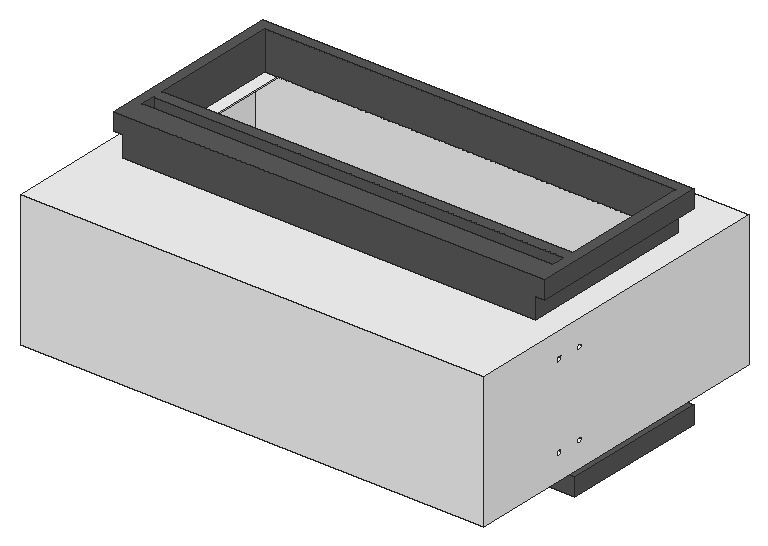
Revit family "C Series - C520STIO - Front Intake", category Generic Models, host Face, Revit 2019
Family settings
  Host = Face
  Can host rebar = No
  Round Connector Dimension = Use Diameter
  Part Type = Normal
  Cut with Voids When Loaded = Yes
  Shared = Yes
  Room Calculation Point = No
Parameters (values of type "As Specified")
  URL = "https://www.montigo.com/"
  Top Offset Right = 0"
  Top Offset Left = 0"
  Manufacturer Website = "https://www.montigo.com/"
  Manufacturer Phone - Toll Free = "800-378-3115"
  Manufacturer Phone = ""
  Manufacturer Fax = ""
  Manufacturer Address = "27342 Gloucester Way  Langley, BC, Canada   V4W 4A1"
  Manufacturer = "Montigo"
  Length = 72 3/16"
  Intake Duct Offset = 6"
  Height = 51 113/256"
  HVAC_Exit Diameter = 8"
  HVAC_Entry Diameter = 7"
  HVAC_BTU Output = 0.0 Btu/h
  HVAC_BTU Input = 0.0 Btu/h
  Glazing Tint = Glass - Montigo - Tint as Specified
  Frame Material = Metal - Montigo - Black
  Firebox Material = Metal - Montigo - White
  Fire Place Opening Length = 43"
  Fire Place Opening = 29"
  Description = "Montigo Fireplace as Specified"
  Depth = 20 225/256"
  Default Elevation = 48"
  COOLPack Consumption = 1200 CFM
  Base Offset Right = 9"
  Base Offset Left = 9"
  Base Offset = 1"
  Base Height = 15"
  Assembly Code = "D3020"
Reference planes (in)
  plane 1 "Center (Front/Back)": y = 0
  plane 2: z = 0
  plane 3 "Center (Left/Right)": x = 0
  plane 4: x = -36.09375
  plane 5: x = 36.09375
  plane 6: y = 25.7207
  plane 7: y = -25.7207
  plane 8: y = -10.7207
  plane 9: z = 0
  plane 10: z = -20.87891
  plane 11: z = -10.43945
  plane 12: x = -33.5
  plane 13: x = 33.5
  plane 14: y = 18.2793
Forms (in)
  Extrusion 1, solid, material "Metal - Montigo - White" <- "Firebox Material"
    sketch origin (-60.41868, -180, 0) x (-1, 0, 0) y (0, -1, 0)
      loop
        line (-24.32493, -205.7207) -> (-24.32493, -154.2793) -> (-96.51243, -154.2793) -> (-96.51243, -205.7207) -> (-24.32493, -205.7207)
    from 0 to -20.87891
  Extrusion 2, solid, material "Metal - Montigo - Black" <- "Frame Material"
    sketch origin (-60.41868, -180, 0) x (-1, 0, 0) y (0, -1, 0)
      loop
        line (-26.91868, -198.2793) -> (-26.91868, -169.2793) -> (-93.91868, -169.2793) -> (-93.91868, -198.2793) -> (-26.91868, -198.2793)
    from 0 to 6
  Sweep 3, void
    path in 3D
      loop
        line (33.5, -10.7207, 6) -> (33.5, 18.2793, 6) -> (-33.5, 18.2793, 6) -> (-33.5, -10.7207, 6)
    profile origin (33.5, 3.7793, 6) x (-1, 0, 0) y (0, 0, 1)
      loop
        line (0, -6) -> (1.375, -6) -> (1.375, -2.75) -> (0, -2.75) -> (0, -6)
  Extrusion 4, void
    sketch origin (-60.41868, -180, 0) x (0, -1, 0) y (-1, 0, 0)
      loop
        line (-196.7168, -26.91868) -> (-196.7168, -93.91868) -> (-176.7168, -93.91868) -> (-176.7168, -26.91868) -> (-196.7168, -26.91868)
    from 0.125 to 20.75
  Extrusion 5, void
    sketch origin (-60.41868, -180, 0) x (0, -1, 0) y (-1, 0, 0)
      loop
        line (-196.7168, -28.41868) -> (-196.7168, -92.41868) -> (-176.7168, -92.41868) -> (-176.7168, -28.41868) -> (-196.7168, -28.41868)
    from -6 to 0
  Extrusion 6, void
    sketch origin (-60.41868, -180, 0) x (0, -1, 0) y (-1, 0, 0)
      loop
        line (-196.7168, -30.41868) -> (-196.7168, -90.41868) -> (-176.7168, -90.41868) -> (-176.7168, -30.41868) -> (-196.7168, -30.41868)
    from -1 to 1
  Extrusion 7, void
    sketch origin (-60.41868, -180, 0) x (0, -1, 0) y (-1, 0, 0)
      loop
        line (-175.2168, -28.41868) -> (-175.2168, -92.41868) -> (-172.8418, -92.41868) -> (-172.8418, -28.41868) -> (-175.2168, -28.41868)
    from -6 to -3.25
  Extrusion 8, void
    sketch origin (0, -1.69589, -0.88973) x (0, 1, 0) y (0, 0, 1)
      loop
        circle (-9.46231, -16.05168) r 0.4375
      loop
        circle (-5.46231, -16.05168) r 0.4375
      loop
        circle (-9.46231, -3.05168) r 0.4375
      loop
        circle (-5.46231, -3.05168) r 0.4375
    from 36.09375 to 35.46962
  Extrusion 9, solid, material "Metal - Montigo - Black" <- "Frame Material"
    sketch origin (-60.41868, -180, -20.87891) x (0, 1, 0) y (1, 0, 0)
      loop
        line (198.2793, 26.91868) -> (198.2793, 93.91868) -> (175.2793, 93.91868) -> (175.2793, 26.91868) -> (198.2793, 26.91868)
    from 0 to 6
  Extrusion 10, void
    sketch origin (-60.41868, -180, -20.87891) x (1, 0, 0) y (0, 1, 0)
      loop
        line (28.41868, 196.7168) -> (28.41868, 176.7168) -> (92.41868, 176.7168) -> (92.41868, 196.7168) -> (28.41868, 196.7168)
    from -6 to 0
  Sweep 11, void
    path in 3D
      loop
        line (33.5, -10.7207, -26.87891) -> (33.5, 18.2793, -26.87891) -> (-33.5, 18.2793, -26.87891) -> (-33.5, -10.7207, -26.87891)
    profile origin (33.5, 3.7793, -26.87891) x (1, 0, 0) y (0, 0, -1)
      loop
        line (0, -6) -> (0, -2.75) -> (-1.375, -2.75) -> (-1.375, -6) -> (0, -6)
  Extrusion 12, void
    sketch origin (-60.41868, -180, -20.87891) x (1, 0, 0) y (0, 1, 0)
      loop
        line (30.41868, 196.7168) -> (30.41868, 176.7168) -> (90.41868, 176.7168) -> (90.41868, 196.7168) -> (30.41868, 196.7168)
    from -1 to 1
Cuts and joins
  Sweep 3, Extrusion 4, Extrusion 5, Extrusion 7, Extrusion 10, Sweep 11, Extrusion 12 cuts Extrusion 2
  Extrusion 4, Extrusion 5, Extrusion 6, Extrusion 7, Extrusion 8, Extrusion 10, Sweep 11, Extrusion 12 cuts Extrusion 1
  Extrusion 10, Sweep 11 cuts Extrusion 9
Lines and regions (in)
  symbolic lines
    curve 1: line (32.125, 53.21644, 0) -> (32.125, 49.96644, 0)
    curve 2: line (32.125, 49.96644, 0) -> (33.5, 49.96644, 0)
    curve 6: line (-32, -7.1582, 0) -> (32, -7.1582, 0)
    curve 7: line (32, -4.7832, 0) -> (-32, -4.7832, 0)
    curve 8: line (-32, -4.7832, 0) -> (-32, -7.1582, 0)
    curve 9: line (32, -4.7832, 0) -> (32, -7.1582, 0)
    curve 10: line (32, 16.7168, 0) -> (32, -3.2832, 0)
    curve 11: line (-32, -3.2832, 0) -> (-32, 16.7168, 0)
  sketch lines
    curve 3: line (33.5, -10.7207, 6) -> (33.5, 18.2793, 6)
    curve 4: line (33.5, 18.2793, 6) -> (-33.5, 18.2793, 6)
    curve 5: line (-33.5, 18.2793, 6) -> (-33.5, -10.7207, 6)
    curve 12: line (33.5, -10.7207, -26.87891) -> (33.5, 18.2793, -26.87891)
    curve 13: line (33.5, 18.2793, -26.87891) -> (-33.5, 18.2793, -26.87891)
    curve 14: line (-33.5, 18.2793, -26.87891) -> (-33.5, -10.7207, -26.87891)
Dimensions and locks (in)
  equal spacing: plane 4, plane 3 "Center (Left/Right)", plane 5
  "Length": plane 4 to plane 5
  equal spacing: plane 7, plane 1 "Center (Front/Back)", plane 6
  "Height": plane 7 to plane 6
  "Base Height": plane 7 to plane 8
  "Depth": plane 9 to plane 10
  equal spacing: plane 9, plane 11, plane 10
  locked: plane 4 to plane 12 at 2.59375
  locked: plane 13 to plane 5 at 2.59375
  "Fire Place Opening": plane 8 to plane 14
  locked: Extrusion 4 sketch curve to plane 8 at 7.4375
  locked: Extrusion 4 sketch curve to plane 14 at 1.5625
  locked: plane 8 to cut or joined group 1 (Extrusion 1, Extrusion 4, Extrusion 5, Extrusion 6, Extrusion 7, Extrusion 8, Extrusion 10, Sweep 11, Extrusion 12) at 7.4375
  locked: cut or joined group 1 to plane 14 at 1.5625
  locked: plane 12 to Extrusion 5 sketch curve at 1.5
  locked: Extrusion 5 sketch curve to plane 13 at 1.5
  locked: plane 12 to Extrusion 6 sketch curve at 3.5
  locked: Extrusion 6 sketch curve to plane 13 at 3.5
  locked: Extrusion 6 sketch curve to plane 14 at 1.5625
  locked: Extrusion 6 sketch curve to plane 8 at 7.4375
  locked: plane 12 to Extrusion 7 sketch curve at 1.5
  locked: Extrusion 7 sketch curve to plane 13 at 1.5
  locked: plane 8 to Extrusion 7 sketch curve at 5.9375
  locked: plane 8 to Extrusion 7 sketch curve at 3.5625
  locked: cut or joined group 1 to plane 5 at 0.62413
  aligned and locked: plane 2 to host face
  aligned and locked: level to host face
  aligned and locked: plane 6 to Extrusion 1 sketch curve
  aligned and locked: Extrusion 1 to plane 10
  aligned and locked: plane 5 to Extrusion 1
  aligned and locked: Extrusion 1 sketch curve to plane 7
  aligned and locked: plane 9 to level
  aligned and locked: plane 14 to Extrusion 2 sketch curve
  aligned and locked: plane 12 to Extrusion 2 sketch curve
  aligned and locked: Extrusion 2 sketch curve to plane 8
  aligned and locked: plane 13 to Extrusion 2 sketch curve
  aligned and locked: Extrusion 2 to level
  aligned and locked: plane 12 to Extrusion 4 sketch curve
  aligned and locked: plane 13 to Extrusion 4 sketch curve
  aligned and locked: Extrusion 2 to Extrusion 5
  aligned and locked: Extrusion 5 to level
  aligned and locked: Extrusion 2 to Extrusion 7
  aligned and locked: Extrusion 7 to Sweep 3
  aligned and locked: Extrusion 8 to cut or joined group 1
  aligned and locked: Extrusion 10 to Extrusion 9
Automatic sketch dimensions
  host sketch curve to host sketch curve = 96"  (x2)
  Extrusion 1 sketch curve to plane 5 = 0"
  Extrusion 1 sketch curve to plane 4 = 0"
  curve 2 to plane 13 = 0"
  plane 13 to curve 2 = 1 3/8"
  plane 13 to curve 6 = 1 1/2"
  plane 12 to curve 8 = 1 1/2"
  curve 2 to plane 6 = 24.24574"
  plane 1 "Center (Front/Back)" to curve 7 = 4.7832"
  curve 7 to curve 8 = 2 3/8"
  plane 13 to curve 10 = 1 1/2"
  curve 11 to curve 7 = 0"
  curve 1 to curve 1 = 3 1/4"
  plane 14 to curve 10 = 1 9/16"
  plane 14 to curve 11 = 1 9/16"
  curve 11 to curve 7 = 1 1/2"
  curve 10 to curve 7 = 1 1/2"
  Sweep 3 sketch curve to profile plane = 0"
  Sweep 3 sketch curve to profile plane = 1 3/8"
  Sweep 3 sketch curve to profile plane = 6"
  Sweep 3 sketch curve to profile plane = 2 3/4"
  plane 14 to Extrusion 5 sketch curve = 1 9/16"
  plane 1 "Center (Front/Back)" to Extrusion 5 sketch curve = 3.2832"
  plane 8 to Extrusion 8 sketch curve = 7/16"  (x2)
  Extrusion 8 sketch curve to plane 8 = 3 9/16"  (x2)
  plane 10 to Extrusion 8 sketch curve = 3 15/16"  (x2)
  Extrusion 8 sketch curve to level = 3 241/256"  (x2)
  Extrusion 9 sketch curve to plane 8 = 6"
  Extrusion 9 sketch curve to plane 12 = 0"
  plane 14 to Extrusion 9 sketch curve = 0"
  Extrusion 9 sketch curve to plane 13 = 0"
  plane 12 to Extrusion 10 sketch curve = 1 1/2"
  plane 13 to Extrusion 10 sketch curve = 1 1/2"
  plane 1 "Center (Front/Back)" to Extrusion 10 sketch curve = 3.2832"
  plane 14 to Extrusion 10 sketch curve = 1 9/16"
  profile plane to Sweep 11 sketch curve = 0"
  Sweep 11 sketch curve to Sweep 11 sketch curve = 1 3/8"
  Sweep 11 sketch curve to profile plane = 6"
  Sweep 11 sketch curve to profile plane = 2 3/4"
  plane 12 to Extrusion 12 sketch curve = 3 1/2"
  plane 13 to Extrusion 12 sketch curve = 3 1/2"
  plane 1 "Center (Front/Back)" to Extrusion 12 sketch curve = 3.2832"
  plane 14 to Extrusion 12 sketch curve = 1 9/16"
  radius of Extrusion 8 sketch curve = 7/16"  (x4)
